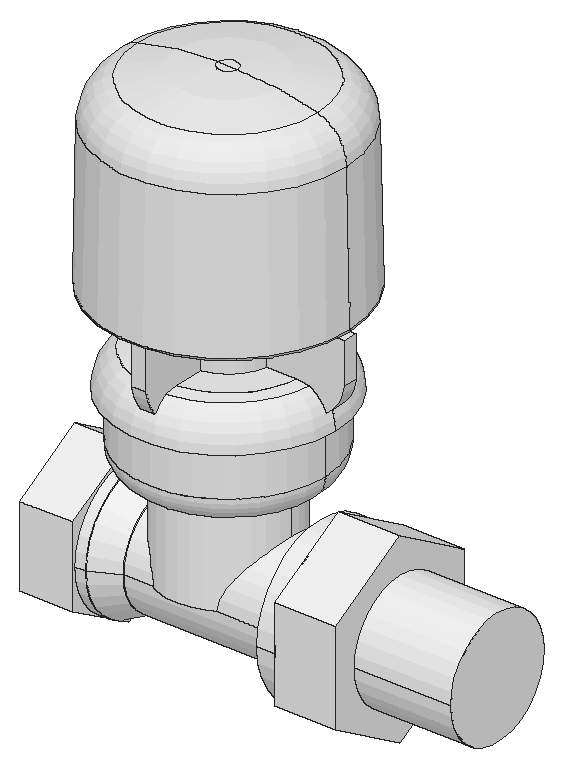
Revit family "RA-N_Straight_DN10-20_F_Aero_RFA", category Pipe Accessories, Revit 2019 (continued)
Definition of nested family "Aero Sensors_RA_RFA"
  Definition of nested family "Aero_RFA"
    Automatic sketch dimensions
      plane 3 "Center (Left/Right)" to Revolve 12 sketch curve = 4.082 mm
      Revolve 12 sketch curve to level = 45.722 mm
      Revolve 12 sketch curve to plane 7 = 0.177 mm
      Revolve 12 sketch curve to plane 4 = 12.892 mm
      Revolve 12 sketch curve to plane 4 = 0.34 mm
      Revolve 12 sketch curve to Revolve 12 sketch curve = 0.00 mm
      Revolve 12 sketch curve to plane 4 = 0.25 mm
      Revolve 12 sketch curve to Revolve 12 sketch curve = 201.697 mm
      plane 4 to Revolve 12 sketch curve = 2130.315 mm
      level to Revolve 15 sketch curve = 1.11 mm
      Revolve 15 sketch curve to Revolve 15 sketch curve = 3.797 mm
      Revolve 15 sketch curve to level = 0.00 mm
      Revolve 15 sketch curve to level = 366.045 mm
      plane 4 to Revolve 15 sketch curve = 2130.315 mm
      plane 3 "Center (Left/Right)" to curve 1 = 25.939 mm
      curve 1 to curve 1 = 1.216 mm
      Extrusion 5 sketch curve to plane 3 "Center (Left/Right)" = 28.00 mm
      Revolve 1 sketch curve to plane 3 "Center (Left/Right)" = 17.085 mm
      Revolve 1 sketch curve to Revolve 1 sketch curve = 7.174 mm
      Revolve 2 sketch curve to Revolve 2 sketch curve = 11.036 mm
      Revolve 2 sketch curve to Revolve 2 sketch curve = 10.851 mm
      Extrusion 3 sketch curve to plane 3 "Center (Left/Right)" = 28.00 mm
      Extrusion 3 sketch curve to Extrusion 3 sketch curve = 5.882 mm
      Revolve 6 sketch curve to plane 3 "Center (Left/Right)" = 22.577 mm
      Revolve 7 sketch curve to Revolve 7 sketch curve = 17.049 mm
      Revolve 11 sketch curve to Revolve 11 sketch curve = 2.223 mm
      Revolve 11 sketch curve to Revolve 11 sketch curve = 17.836 mm
      Revolve 12 sketch curve to plane 3 "Center (Left/Right)" = 16.518 mm
      Revolve 12 sketch curve to plane 3 "Center (Left/Right)" = 18.736 mm
      Revolve 12 sketch curve to Revolve 12 sketch curve = 11.121 mm
      Revolve 12 sketch curve to Revolve 12 sketch curve = 1.556 mm
      Revolve 13 sketch curve to plane 3 "Center (Left/Right)" = 21.201 mm
      Revolve 13 sketch curve to Revolve 13 sketch curve = 24.056 mm
      Revolve 14 sketch curve to plane 3 "Center (Left/Right)" = 17.049 mm
      Extrusion 4 sketch curve to Extrusion 4 sketch curve = 8.021 mm
      Extrusion 8 sketch curve to Extrusion 8 sketch curve = 9.655 mm
      Extrusion 8 sketch curve to plane 1 "Center (Front/Back)" = 7.612 mm
Definition of nested family "Schematic_TRV_Sensor_Straight"
  Parameters (values of type "Schematic_TRV_Sensor_Straight")
    LA_1 = 1 / 9 * HA  # 2.772 mm
    HT = 48.00 mm
    HA_2 = 4 / 5 * HA  # 19.955 mm
    HA_1 = 1 / 5 * HA  # 4.989 mm
    HA = 4 / 5 * D  # 24.944 mm
    LA = 3 / 5 * HA  # 14.966 mm
    L = 55.50 mm
    D = 31.18 mm
  Reference planes
    plane 1 "Center (Front/Back)": y = 0
    plane 2: z = 0
    plane 3 "Center (Left/Right)": x = 0
    plane 4: z = 15.59
    plane 5: z = -15.59
    plane 6: z = 72.944
    plane 7: x = 27.75
    plane 8: x = -27.75
    plane 9: y = 15.59
    plane 10: y = -15.59
    plane 11: y = 72.944
    plane 12: z = 48
    plane 13: x = -7.483
    plane 14: x = 7.483
    plane 15: y = 48
    plane 16: z = 67.955
    plane 17: x = -4.712
    plane 18: x = 4.712
    plane 19: z = 52.989
    plane 20: y = 67.955
    plane 21: y = 52.989
    plane 22 "centerline": z = 0
  Lines and regions (mm)
    model lines
      curve 1: line (0, 0, 48) -> (0, 0, 0)
      curve 2: line (0, 0, 0) -> (-27.75, 0, 15.59)
      curve 3: line (-27.75, 0, 15.59) -> (-27.75, 0, -15.59)
      curve 4: line (-27.75, 0, -15.59) -> (0, 0, 0)
      curve 5: line (0, 0, 0) -> (27.75, 0, 15.59)
      curve 6: line (27.75, 0, 15.59) -> (27.75, 0, -15.59)
      curve 7: line (27.75, 0, -15.59) -> (0, 0, 0)
      curve 15: line (-7.483, 0, 72.944) -> (7.483, 0, 72.944)
      curve 16: line (-7.483, 0, 48) -> (-7.483, 0, 72.944)
      curve 17: line (7.483, 0, 48) -> (-7.483, 0, 48)
      curve 18: line (7.483, 0, 72.944) -> (7.483, 0, 48)
      curve 23: line (-4.712, 0, 67.955) -> (4.712, 0, 67.955)
      curve 24: line (0, 0, 52.989) -> (0, 0, 67.955)
    symbolic lines
      curve 8: line (27.75, 15.59, 0) -> (27.75, -15.59, 0)
      curve 9: line (-27.75, 15.59, 0) -> (-27.75, -15.59, 0)
      curve 10: line (-27.75, 15.59, 0) -> (0, 0, 0)
      curve 11: line (0, 0, 0) -> (-27.75, -15.59, 0)
      curve 12: line (0, 0, 0) -> (27.75, -15.59, 0)
      curve 13: line (0, 0, 0) -> (27.75, 15.59, 0)
      curve 14: line (0, 48, 0) -> (0, 0, 0)
      curve 19: line (-7.483, 72.944, 0) -> (7.483, 72.944, 0)
      curve 20: line (-7.483, 48, 0) -> (-7.483, 72.944, 0)
      curve 21: line (7.483, 48, 0) -> (-7.483, 48, 0)
      curve 22: line (7.483, 72.944, 0) -> (7.483, 48, 0)
      curve 25: line (-4.712, 67.955, 0) -> (4.712, 67.955, 0)
      curve 26: line (0, 52.989, 0) -> (0, 67.955, 0)
  Dimensions and locks
    "D": plane 4 to plane 5
    equal spacing: plane 4, level, plane 5
    equal spacing: plane 7, plane 3 "Center (Left/Right)", plane 8
    "D": plane 10 to plane 9
    equal spacing: plane 10, plane 1 "Center (Front/Back)", plane 9
    "L": plane 7 to plane 8
    "LA": plane 14 to plane 13
    equal spacing: plane 14, plane 3 "Center (Left/Right)", plane 13
    "HA": plane 6 to plane 12
    "HA": plane 15 to plane 11
    "HA_1": plane 6 to plane 16
    "LA_1": plane 17 to plane 13
    "LA_1": plane 14 to plane 18
    "HA_2": plane 6 to plane 19
    "HA_1": plane 20 to plane 11
    "HA_2": plane 21 to plane 11
    "HT": plane 12 to level
    "HT": plane 1 "Center (Front/Back)" to plane 15
    aligned and locked: level to plane 2
    aligned and locked: curve 9 to plane 8
    aligned and locked: curve 8 to plane 7
    aligned and locked: curve 14 to plane 3 "Center (Left/Right)"
    aligned and locked: plane 12 to curve 1
    aligned and locked: curve 15 to plane 6
    aligned and locked: plane 13 to curve 16
    aligned and locked: plane 12 to curve 17
    aligned and locked: curve 18 to plane 14
    aligned and locked: plane 15 to curve 14
    aligned and locked: plane 17 to curve 23
    aligned and locked: plane 18 to curve 23
    aligned and locked: curve 23 to plane 16
    aligned and locked: plane 3 "Center (Left/Right)" to curve 24
    aligned and locked: plane 19 to curve 24
    aligned and locked: plane 16 to curve 24
    aligned and locked: level to curve 1
    aligned and locked: plane 1 "Center (Front/Back)" to curve 14
  Automatic sketch dimensions
    curve 4 to plane 5 = 0.00 mm
    curve 4 to plane 8 = 0.00 mm
    curve 5 to level = 0.00 mm
    curve 5 to plane 3 "Center (Left/Right)" = 0.00 mm
    curve 6 to plane 4 = 0.00 mm
    curve 6 to plane 7 = 0.00 mm
    curve 7 to plane 5 = 0.00 mm
    curve 7 to level = 0.00 mm
    curve 3 to plane 4 = 0.00 mm
    curve 21 to plane 13 = 0.00 mm
    curve 25 to plane 17 = 0.00 mm
    curve 26 to plane 3 "Center (Left/Right)" = 0.00 mm
    curve 25 to plane 18 = 0.00 mm
    curve 21 to plane 14 = 0.00 mm
    plane 10 to curve 12 = 0.00 mm
    plane 10 to curve 9 = 0.00 mm
    plane 9 to curve 9 = 0.00 mm
    plane 9 to curve 13 = 0.00 mm
    curve 26 to plane 21 = 0.00 mm
    curve 25 to plane 20 = 0.00 mm
    curve 26 to plane 20 = 0.00 mm
    plane 11 to curve 19 = 0.00 mm
Types (4, lengths in mm): name | length | Weight | SL | Standard | R_200_1 | R_200 | RV4 | RV3 | RV2 | Press_fit_350 | Press_fit | Model Type | Model | L4 | RV5 | L8 | L7 | L6 | L5 | L | Kvs | Ha | HT | HT1 | L3 | URL | L2 | L1 | H | SD | DB1 | DV1 | L_nut thread2 | L_nut thread1 | D
  RA-N_Straight_DN10_Internal_F_013G0012 | 74.50 | 0.20 kg | 55.50 | yes | 15.59 | 12.53 | 13.30 | 11.00 | 10.80 | no | no | "RA-N_Straight_DN10_Internal_F" | "013G0012,013G1012" | 8.50 | 8.30 | 3.60 | 14.50 | 7.50 | 4.20 | 74.50 | 0.65 m³/h | 99.00 | 48.00 | 15.00 | 9.80 | "https://store.danfoss.com/en/Climate-Solutions-for-heating/Radiator-Thermostats/Radiator-Valves/Build-on-valves/Presetting-valves/c/13866?q=%3Arelevance%3Adanfoss_producttypehierarchydesc%3ARA-N%3Adanfoss_a223339155%3AA223_3391558c5e50fab3748e9c53a6863b3dce1401%3Adanfoss_a2824460767%3AA2824_460767800618943025315f869e4e1f09471012%3Adanfoss_a50461501115_fts%3AA5046_150111582a2288245d249094b5396089516c12e&text=" | 29.50 | 26.00 | 114.588 | 31.18 | 25.50 | 18.00 | 13.50 | 10.85 | 10.00
  RA-N_Straight_DN15_Internal_F_013G0014 | 82.00 | 0.24 kg | 61.00 | yes | 17.32 | 15.42 | 14.80 | 12.30 | 12.50 | no | no | "RA-N_Straight_DN15_Internal_F" | "013G0014,013G1014,013G0114" | 10.00 | 10.50 | 3.80 | 15.50 | 9.50 | 4.00 | 82.00 | 0.9 m³/h | 99.00 | 48.00 | 15.00 | 10.00 | "https://store.danfoss.com/en/Climate-Solutions-for-heating/Radiator-Thermostats/Radiator-Valves/Build-on-valves/Presetting-valves/c/13866?q=%3Arelevance%3Adanfoss_producttypehierarchydesc%3ARA-N%3Adanfoss_a223339155%3AA223_3391558c5e50fab3748e9c53a6863b3dce1401%3Adanfoss_a2824460767%3AA2824_460767800618943025315f869e4e1f09471012%3Adanfoss_a50461501115_fts%3AA5046_150111582a2288245d249094b5396089516c12e&text=" | 32.00 | 29.00 | 116.321 | 34.64 | 25.50 | 20.30 | 15.00 | 13.35 | 15.00
  RA-N_Straight_DN20_Internal_F_013G0016 | 96.60 | 0.38 kg | 74.30 | yes | 21.19 | 18.30 | 18.20 | 15.00 | 15.60 | no | no | "RA-N_Straight_DN20_Internal_F" | "013G0016" | 14.00 | 13.30 | 4.20 | 18.00 | 14.00 | 6.20 | 96.60 | 1.4 m³/h | 104.00 | 53.00 | 20.00 | 12.20 | "https://store.danfoss.com/en/Climate-Solutions-for-heating/Radiator-Thermostats/Radiator-Valves/Build-on-valves/Presetting-valves/c/13866?q=%3Arelevance%3Adanfoss_producttypehierarchydesc%3ARA-N%3Adanfoss_a223339155%3AA223_3391558c5e50fab3748e9c53a6863b3dce1401%3Adanfoss_a2824460767%3AA2824_460767800618943025315f869e4e1f09471012%3Adanfoss_a50461501115_fts%3AA5046_150111582a2288245d249094b5396089516c12e&text=" | 39.30 | 35.00 | 125.189 | 42.38 | 29.00 | 25.00 | 18.35 | 15.85 | 20.00
  RA-N_Straight_DN15_Internal_Press-fit_013G3238 | 100.00 | 0.27 kg | 79.50 | no | 17.32 | 9.30 | 14.80 | 13.50 | 9.30 | yes | yes | "RA-N_Straight_DN15_Internal_Press-fit" | "013G3238" | 10.00 | 10.10 | 3.80 | 20.00 | 18.00 | 2.00 | 100.00 | 0.9 m³/h | 99.00 | 48.00 | 15.00 | 8.00 | "https://store.danfoss.com/en/Climate-Solutions-for-heating/Radiator-Thermostats/Radiator-Valves/Build-on-valves/Presetting-valves/c/13866?q=%3Arelevance%3Adanfoss_producttypehierarchydesc%3ARA-N%3Adanfoss_a223339155%3AA223_3391558c5e50fab3748e9c53a6863b3dce1401%3Adanfoss_a2824460767%3AA2824_460767f623e75af30e62bbd73d6df5b50bb7b5%3Adanfoss_a50461501115_fts%3AA5046_150111514fb92480459bf13ff778fb127787c00&text=" | 37.50 | 42.00 | 116.321 | 34.64 | 26.00 | 21.00 | 15.00 | 8.00 | 15.00
